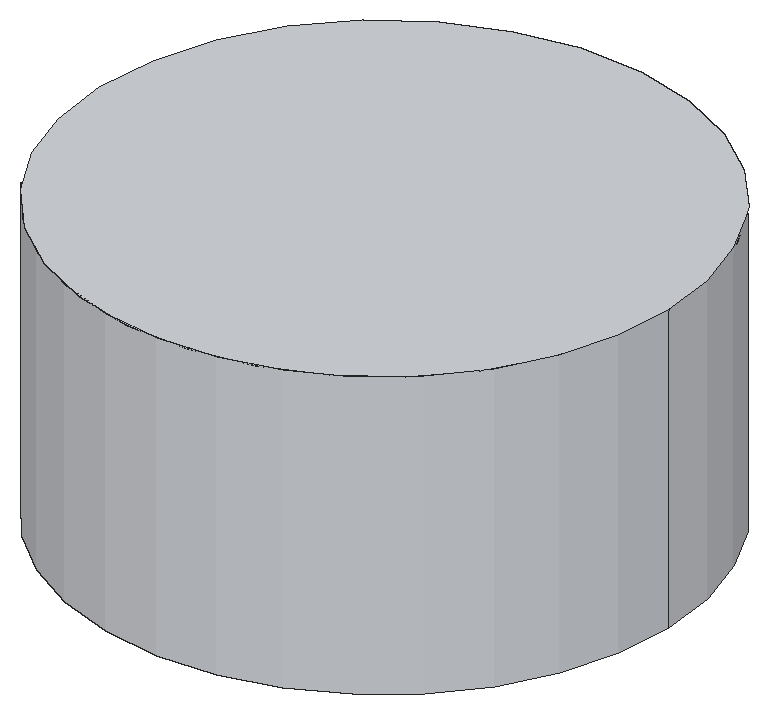
Revit family "08762000", category Specialty Equipment, Revit 2024
Family settings
  Round Connector Dimension = Use Diameter
  Part Type = Normal
  OmniClass Number = 23.40.40.00
  OmniClass Title = Food Service Equipment and Furnishings
  Work Plane-Based = No
  Enable Cutting in Views = Yes
  Always vertical = Yes
  Cut with Voids When Loaded = No
  Maintain Annotation Orientation = No
  Shared = No
  Room Calculation Point = No
Parameters (values of type "Standard")
  Volume = 0.00586649 m³
  URL = "https://www.rustfriebergh.no/produkter/varmeplater-2/rbvp-um"
  Requested Accuracy = "Low"
  Part Number = "08762000"
  Model = "09762000"
  Mass = 39.3258 kg
  Manufacturer = "Rustfriebergh AS"
  LastSavedTimestamp = "10.11.2022"
  LastSavedByUser = "RuneJ"
  Designer = "Michaelr"
  Design State = 1
  Description = "Varmeplate RBVP-UM-2GN"
  Density = 6703.46 kg/m³
  Default Elevation = 0 mm
  Creation Date = "04.05.2021"
  Center of Gravity = "X: 7,770 mm Y: -8,675 mm Z: 869,427 mm"
  Author = "Michaelr"
  Area = 4.75504 m²
  3D-Driven = yes
Reference planes
  plane 1 "Center (Front/Back)": y = 0
  plane 2: z = 0
  plane 3 "Center (Left/Right)": x = 0
Forms (mm)
  Extrusion 1, solid
    sketch origin (193.141, -369.443, 455.25) x (1, 0, 0) y (0, 1, 0)
      loop
        circle (0, 0) r 3.048
    from 0 to -3.048
Dimensions and locks
  aligned and locked: level to plane 2
Connectors
  electrical at (193.141, -369.443, 455.25)
    settings: on Extrusion 1, index 1, voltage 230 V, apparent load 400 VA, apparent load phase1 0 VA, apparent load phase2 0 VA, apparent load phase3 0 VA, power factor 0, load classification "Other", number of poles 1, system type 30, power factor state 1, is connector primary yes, connector utility no, sub classification motor no, connector description "Nettledning"
